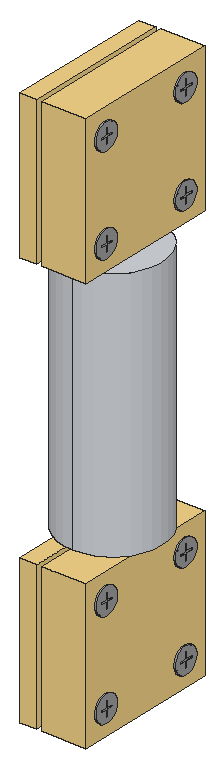
Revit family "Vía de chispas", category Equipos especializados, Revit 2017
Family settings
  Cota de conector redondo = Diámetro de uso
  Tipo de pieza = Normal
  Se basa en plano de trabajo = No
  Siempre vertical = Sí
  Corte con vacíos al cargar = No
  Compartido = Sí
  Punto de cálculo de habitación = No
Parameters
  URL = "https://at3w.com/"
  Referencia AT [instance] = "AT-050K"  # constant formula
  Rango de dimensiones de los conductores - Redondo [instance] = "Ø8 - 10 mm (50 - 70 mm2)"  # constant formula
  Rango de dimensiones de los conductores - Pletina [instance] = "3 x (30 x 2 mm - 30 x 3,5 mm)"  # constant formula
  Peso (kg) [instance] = 1  # constant formula
  Model = ""
  Material [instance] = Latón
  Fabricante = "APLICACIONES TECNOLÓGICAS"  # constant formula
  Dimensiones (mm) [instance] = "216 x 57 x 38"  # constant formula
  Descripción = "Protector vía de chispas para unión de tomas de tierra. (Incluye conectores de latón para conductor de Ø8 a 10 mm y/o pletina 30 x 2 mm). Ref. AT-050K"  # constant formula
  Código de montaje = "5.1"
Reference planes
  plane 1 "Centro (Frontal/Posterior)": y = 0
  plane 2: z = 0
  plane 3 "Centro (Izquierda/Derecha)": x = 0
Forms (mm)
  Extrusion 1, solid, material "Latón" <- "Material"
    sketch origin (-12.5, -0.5, 188) x (1, 0, 0) y (0, 1, 0)
      loop
        line (25, -28) -> (25, 29) -> (8.2, 29) -> (8.2, -28) -> (25, -28)
      loop
        line (0, 29) -> (0, -28) -> (6.2, -28) -> (6.2, 29) -> (0, 29)
    from -28.5 to 28
  Extrusion 2, solid, material "Acero inoxidable"
    sketch origin (-12.5, -0.5, 188) x (0, 0, -1) y (0, 1, 0)
      loop
        circle (-18.5, 19) r 5
      loop
        circle (18.5, 19) r 5
      loop
        circle (-18.5, -19) r 5
      loop
        circle (18.5, -19) r 5
    from 25 to 26
  Extrusion 3, void
    sketch origin (-12.5, -0.5, 188) x (0, 0, -1) y (0, 1, 0)
      loop
        line (-19, 22) -> (-19, 19.5) -> (-21.5, 19.5) -> (-21.5, 18.5) -> (-19, 18.5) -> (-19, 16) -> (-18, 16) -> (-18, 18.5) -> (-15.5, 18.5) -> (-15.5, 19.5) -> (-18, 19.5) -> (-18, 22) -> (-19, 22)
    from 25.525 to 26.51
  Extrusion 4, void
    sketch origin (-12.5, -0.5, 188) x (0, 0, 1) y (0, -1, 0)
      loop
        line (-19, -22) -> (-18, -22) -> (-18, -19.5) -> (-15.5, -19.5) -> (-15.5, -18.5) -> (-18, -18.5) -> (-18, -16) -> (-19, -16) -> (-19, -18.5) -> (-21.5, -18.5) -> (-21.5, -19.5) -> (-19, -19.5) -> (-19, -22)
    from 25.525 to 26.51
  Extrusion 5, void
    sketch origin (-12.5, -0.5, 188) x (0, 0, -1) y (0, 1, 0)
      loop
        line (-19, -22) -> (-18, -22) -> (-18, -19.5) -> (-15.5, -19.5) -> (-15.5, -18.5) -> (-18, -18.5) -> (-18, -16) -> (-19, -16) -> (-19, -18.5) -> (-21.5, -18.5) -> (-21.5, -19.5) -> (-19, -19.5) -> (-19, -22)
    from 25.525 to 26.51
  Extrusion 6, void
    sketch origin (-12.5, -0.5, 188) x (0, 0, 1) y (0, -1, 0)
      loop
        line (-19, 22) -> (-19, 19.5) -> (-21.5, 19.5) -> (-21.5, 18.5) -> (-19, 18.5) -> (-19, 16) -> (-18, 16) -> (-18, 18.5) -> (-15.5, 18.5) -> (-15.5, 19.5) -> (-18, 19.5) -> (-18, 22) -> (-19, 22)
    from 25.525 to 26.51
  Extrusion 7, solid, material "Latón" <- "Material"
    sketch origin (-12.5, -0.5, 28.5) x (1, 0, 0) y (0, 1, 0)
      loop
        line (25, -28) -> (25, 29) -> (8.2, 29) -> (8.2, -28) -> (25, -28)
      loop
        line (0, 29) -> (0, -28) -> (6.2, -28) -> (6.2, 29) -> (0, 29)
    from -28.5 to 28
  Extrusion 8, solid, material "Acero inoxidable"
    sketch origin (-12.5, -0.5, 28.5) x (0, 0, -1) y (0, 1, 0)
      loop
        circle (-18.5, 19) r 5
      loop
        circle (18.5, 19) r 5
      loop
        circle (-18.5, -19) r 5
      loop
        circle (18.5, -19) r 5
    from 25 to 26
  Extrusion 9, void
    sketch origin (-12.5, -0.5, 28.5) x (0, 0, -1) y (0, 1, 0)
      loop
        line (-19, 22) -> (-19, 19.5) -> (-21.5, 19.5) -> (-21.5, 18.5) -> (-19, 18.5) -> (-19, 16) -> (-18, 16) -> (-18, 18.5) -> (-15.5, 18.5) -> (-15.5, 19.5) -> (-18, 19.5) -> (-18, 22) -> (-19, 22)
    from 25.525 to 26.51
  Extrusion 10, void
    sketch origin (-12.5, -0.5, 28.5) x (0, 0, 1) y (0, -1, 0)
      loop
        line (-19, -22) -> (-18, -22) -> (-18, -19.5) -> (-15.5, -19.5) -> (-15.5, -18.5) -> (-18, -18.5) -> (-18, -16) -> (-19, -16) -> (-19, -18.5) -> (-21.5, -18.5) -> (-21.5, -19.5) -> (-19, -19.5) -> (-19, -22)
    from 25.525 to 26.51
  Extrusion 11, void
    sketch origin (-12.5, -0.5, 28.5) x (0, 0, -1) y (0, 1, 0)
      loop
        line (-19, -22) -> (-18, -22) -> (-18, -19.5) -> (-15.5, -19.5) -> (-15.5, -18.5) -> (-18, -18.5) -> (-18, -16) -> (-19, -16) -> (-19, -18.5) -> (-21.5, -18.5) -> (-21.5, -19.5) -> (-19, -19.5) -> (-19, -22)
    from 25.525 to 26.51
  Extrusion 12, void
    sketch origin (-12.5, -0.5, 28.5) x (0, 0, 1) y (0, -1, 0)
      loop
        line (-19, 22) -> (-19, 19.5) -> (-21.5, 19.5) -> (-21.5, 18.5) -> (-19, 18.5) -> (-19, 16) -> (-18, 16) -> (-18, 18.5) -> (-15.5, 18.5) -> (-15.5, 19.5) -> (-18, 19.5) -> (-18, 22) -> (-19, 22)
    from 25.525 to 26.51
  Extrusion 13, solid
    sketch origin (-12.5, 0, 108.5) x (1, 0, 0) y (0, 1, 0)
      loop
        circle (12.5, 0) r 19
    from 48 to -49.004
  Extrusion 14, solid
    sketch origin (-12.5, 0, 108.5) x (1, 0, 0) y (0, 1, 0)
      loop
        circle (12.5, 0) r 4
    from 48 to 51
  Extrusion 15, solid
    sketch origin (-12.5, 0, 223.496) x (1, 0, 0) y (0, 1, 0)
      loop
        circle (12.5, 0) r 4
    from -164 to -166.996
Cuts and joins
  Extrusion 3, Extrusion 4, Extrusion 5, Extrusion 6, Extrusion 9 cuts Extrusion 2
  Extrusion 9, Extrusion 10, Extrusion 11, Extrusion 12 cuts Extrusion 8
  Extrusion 3 cuts Extrusion 1
Dimensions and locks
  aligned and locked: level to plane 2
  aligned and locked: Extrusion 15 to Extrusion 7
  aligned and locked: Extrusion 13 to Extrusion 15
  aligned and locked: Extrusion 13 to Extrusion 14
